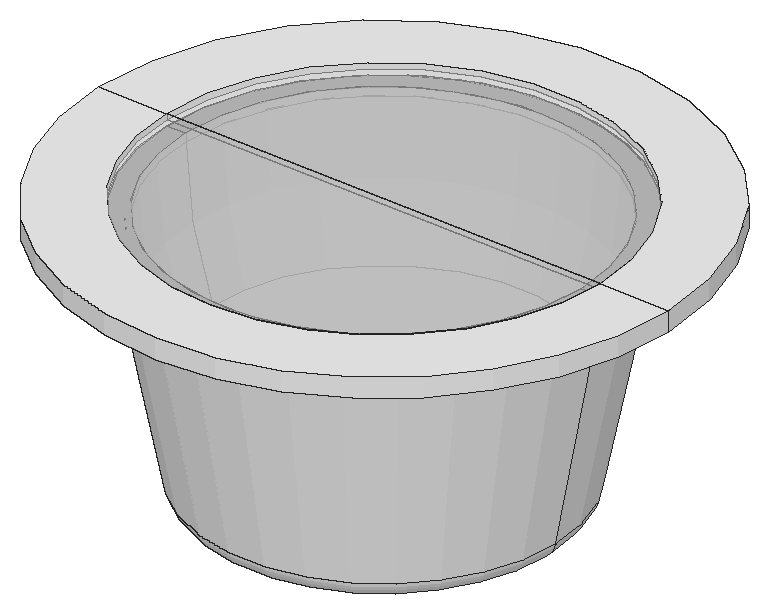
Revit family "2060573+2028036 Sylvania Lighting Fixture ASCENT 100 II ARCH 3600 3K DALI EMG 160 with IP44 Frost Glass", category Lighting Fixtures, host Face, Revit 2016
Family settings
  Host = Face
  Part Type = Normal
  Round Connector Dimension = Use Diameter
  OmniClass Number = 23.80.70.11.17
  OmniClass Title = Specialized Lighting by Location or Use
  Cut with Voids When Loaded = No
  Light Source = Yes
  Shared = No
  Room Calculation Point = No
Parameters (values of type "2060573+2028036 ASCT100 II ARCH 3600 3K DALI EMG 160 with IP44 Frost Glass Emergency mode")
  WidthBezelAcc_SYL = 25.0 mm
  Weight = "1.92 kg"
  Wattage = 1.61261 W
  WarrantyStartDate [instance] = "n/a"
  WarrantyGuarantorParts = "n/a"
  WarrantyDurationUnit = "n/a"
  WarrantyDurationParts = "n/a"
  WarrantyDescription = "n/a"
  built-in parameter 1150110 = 1 (stored number, unit not read)
  Voltage = 0 V
  VisibilityAccessory_SYL = yes
  TypeName = "ASCT100 II ARCH 3600 3K DALI EMG 160 with IP44 Frost Glass Emergency mode"
  built-in parameter 1114217 = 1 (stored number, unit not read)
  Tilt Angle = -90°
  built-in parameter 1150109 = 1 (stored number, unit not read)
  built-in parameter 1150134 = (empty or 0)
  built-in parameter 1150113 = 1 (stored number, unit not read)
  SerialNumber [instance] = "n/a"
  ReflectorRadius_SYL = Radius_SYL - 14.5 mm  # 80.0 mm
  RadiusAcc_SYL = 105.0 mm
  Radius_SYL = 94.5 mm
  URL = "http://www.sylvania-lighting.com"
  PowerFactor = 0
  PowerConsumption = "32 W"
  Photometric Web File = "2060573EM.ies"
  NominalWidth = 0.0 mm
  NominalLength = 0.0 mm
  NominalHeight = 94.0 mm
  Name = "ASCT100 II ARCH 3600 3K DALI EMG 160 with IP44 Frost Glass Emergency mode"
  ModelReference = "ASCT100 II ARCH 3600 3K DALI EMG 160 with IP44 Frost Glass Emergency mode"
  ModelNumber = "2060573+2028036"
  Material_4_SYL = none
  Material_3_SYL = Polycarbonate_Sylvania_Ascent_Clear
  Material_2_SYL = Aluminium_Sylvania_Ascent_Silver
  Material_1_SYL = Aluminum_Sylvania_Ascent_White
  Material = "aluminium housing, arcylic diffuser"
  ManufacturerName = "Feilo Sylvania"
  LuminousEfficacy = "111 lm/W"
  built-in parameter 1150105 = 14.244 (stored number, unit not read)
  Lumens = 179 lm
  LuminaireType = ""
  built-in parameter 1150115 = 1 (stored number, unit not read)
  LightOutputRatio = "100"
  built-in parameter 1150137 = (empty or 0)
  built-in parameter 1150139 = (empty or 0)
  LampsType = Lamp  # "LED"
  LampNominalLuminous = "3548 lm"
  LampMacAdamStep = "3"
  LampColourTemperature = "3000 K"
  LampColourRenderingIndex = "80"
  built-in parameter 1150112 = 1 (stored number, unit not read)
  built-in parameter 1150114 = 1 (stored number, unit not read)
  Keynote = "16500"
  InstallationDate [instance] = "n/a"
  InputVoltage = "n/a"
  InputNominalFrequency = "n/a"
  built-in parameter 1150132 = (empty or 0)
  built-in parameter 1150102 = (empty or 0)
  built-in parameter 1150107 = 3000 (stored number, unit not read)
  built-in parameter 1150138 = (empty or 0)
  IngressProtection = "IP44"
  ImpactProtectionIndex = "IK02"
  built-in parameter 1150106 = 0.14244 (stored number, unit not read)
  IfcExportType = "IfcLightFixtureType"
  IfcExportAs = "IfcLightFixtureType"
  Height_SYL = 94.0 mm
  HeightAcc_SYL = 7.0 mm
  ExpectedLife = 50000
  EmittionSurface_SYL = if(VisibilityAccessory_SYL, 7.0 mm, 3.0 mm)  # 7.0 mm
  Emit from Circle Diameter = DiffuserRadius_SYL * 2  # 146.0 mm
  Emit Shape Visible in Rendering = no
  ElectricShockClassification = "Class II"
  built-in parameter 1150104 = 10.312 (stored number, unit not read)
  DurationUnit = "hours"
  DocumentationLiterature = "http://www.sylvania-lighting.com/product/en-int/products/2060573"
  DimmingControlOptions = "n/a"
  Dimming Lamp Color Temperature Shift = <None>
  DiffuserRadius_SYL = ReflectorRadius_SYL - 7.0 mm  # 73.0 mm
  Diameter_SYL = 2 * Radius_SYL  # 189.0 mm
  CutoutDiameter_SYL = Diameter_SYL - 13.0 mm  # 176.0 mm
  CreatedOn = "9/17/2018"
  CreatedBy = "@sylvania-lighting.com"
  Color Filter = 16777215
  built-in parameter 1114216 [instance] = 1 (stored number, unit not read)
  Model = "ASCT100 II ARCH 3600 3K DALI EMG 160 with IP44 Frost Glass Emergency mode"
  Manufacturer = "Feilo Sylvania"
  Lamp = "LED"
  Description = "Direct LED retro fit for original LED 100 Arch (160) single CFL lamp offering Matching lumen levels and improved light distribution of original LED 100 CFL lamp equivalents Typically half the power consumption compared to CFL Up to 112lm/W 160mm aperture Architectural reflector accepts range of glass accessories from existing LED 100 Arch 160 offering HE, HO and VHO versions equivalent of single 1 x 18W, 1 x 32W, 1 x 42W\r\n Additional VVHO versions which offer the performance circa 2 x 32W equivalent"  # constant formula
  Default Elevation = 0.0 mm
  built-in parameter 1140040 [instance] = 1
  BarCode [instance] = "n/a"
  built-in parameter 1114218 = 1 (stored number, unit not read)
  built-in parameter 1150133 = 10 (stored number, unit not read)
  AssetType = "Fixed"
  AssetIdentifier [instance] = "n/a"
  Assembly Code = "D5020200"
  Apparent Load = 1.61261 VA
  Aperture_SYL = 2 * ReflectorRadius_SYL  # 160.0 mm
Types (2, lengths in mm): name | Wattage | TypeName | Photometric Web File | Name | ModelReference | Material_3_SYL | built-in parameter 1150105 | Lumens | built-in parameter 1150106 | Model | Apparent Load
  2060573+2028036 ASCT100 II ARCH 3600 3K DALI EMG 160 with IP44 Frost Glass Emergency mode | 1.61261 W | "ASCT100 II ARCH 3600 3K DALI EMG 160 with IP44 Frost Glass Emergency mode" | "2060573EM.ies" | "ASCT100 II ARCH 3600 3K DALI EMG 160 with IP44 Frost Glass Emergency mode" | "ASCT100 II ARCH 3600 3K DALI EMG 160 with IP44 Frost Glass Emergency mode" | Polycarbonate_Sylvania_Ascent_Clear | 14.244 (stored number, unit not read) | 179 lm | 0.14244 (stored number, unit not read) | "ASCT100 II ARCH 3600 3K DALI EMG 160 with IP44 Frost Glass Emergency mode" | 1.61261 VA
  2060573+2028036 ASCT100 II ARCH 3600 3K DALI EMG 160 with IP44 Frost Glass | 32 W | "ASCENT 100 II ARCH 3600 3K DALI EMG 160 with IP44 Frost Glass" | "2060573.ies" | "ASCENT 100 II ARCH 3600 3K DALI EMG 160 with IP44 Frost Glass" | "ASCENT 100 II ARCH 3600 3K DALI EMG 160 with IP44 Frost Glass" | Polycarbonate_Sylvania_Ascent_Opal | 282.66 (stored number, unit not read) | 3552 lm | 2.8266 (stored number, unit not read) | "ASCENT 100 II ARCH 3600 3K DALI EMG 160 with IP44 Frost Glass" | 32 VA
Reference planes
  plane 1 "Center (Front/Back)": y = 0
  plane 2: z = 0
  plane 3 "Center (Left/Right)": x = 0
  plane 4 "Fixture Bottom": z = 3
  plane 5: z = -52.5
  plane 6 "Fixture Top": z = -91
  plane 7: x = -105
  plane 8: z = 7
  plane 9: x = -80
  plane 10: z = 5
  plane 11: x = -103
Forms (mm)
  Extrusion 1, solid, material "Aluminum_Sylvania_Ascent_White", detail levels fine
    sketch origin (0, 0, 0) x (1, 0, 0) y (0, 1, 0)
      loop
        circle (0, 0) r 94.5
      loop
        circle (0, 0) r 80
    from 0 to 3
  Extrusion 2, void
    sketch origin (0, 0, 0) x (1, 0, 0) y (0, 1, 0)
      loop
        circle (0, 0) r 88
    from -91 to 3
  Revolve 3, solid, material "Aluminum_Sylvania_Ascent_White" <- "Material_1_SYL", detail levels fine
    sketch origin (0, 0, 0) x (1, 0, 0) y (0, 0, 1)
      loop
        line (0, -91.073) -> (0, -89.023) -> (-55.468, -89.014)
        arc (-55.468, -89.014) -> (-59.352, -87.613) -> (-61.54, -84.139) r 6.307
        line (-61.54, -84.139) -> (-77.991, -2.844) -> (-77.991, 0) -> (-80, 0) -> (-80, -3) -> (-63.5, -84.536)
        arc (-63.5, -84.536) -> (-60.643, -89.203) -> (-55.5, -91.073) r 8.291
        line (-55.5, -91.073) -> (0, -91.073)
      axis (0, 0) -> (0, -91.073)
    angle from 0 to 360
  Revolve 4, solid, material "Aluminium_Sylvania_Ascent_Silver" <- "Material_2_SYL", detail levels fine
    sketch origin (0, 0, 0) x (1, 0, 0) y (0, 0, 1)
      loop
        line (-80, 3) -> (-80, 0) -> (-75, 0)
        arc (-75, 0) -> (-72.349, -26.77) -> (-64.5, -52.5) r 136.5
        line (-64.5, -52.5) -> (-58, -52.5)
        arc (-58, -52.5) -> (-56.857, -61.521) -> (-53.5, -69.971) r 36.166
        line (-53.5, -69.971) -> (0, -69.971) -> (0, -50.5) -> (-63.16, -50.5)
        arc (-63.16, -50.5) -> (-70.517, -25.725) -> (-73, 0) r 134.5
        line (-73, 0) -> (-73, 3) -> (-80, 3)
      axis (0, 3) -> (0, -69.971)
    angle from 0 to 360
  Extrusion 5, solid, material "Polycarbonate_Sylvania_Ascent_Clear" <- "Material_3_SYL", detail levels fine
    sketch origin (0, 0, 0) x (1, 0, 0) y (0, 1, 0)
      loop
        circle (0, 0) r 73
    from 0 to 3
  Revolve 6, solid, material "Aluminum_Sylvania_Ascent_White" <- "Material_1_SYL", detail levels coarse+medium
    sketch origin (0, 0, 0) x (1, 0, 0) y (0, 0, 1)
      loop
        line (0, -91.073) -> (0, 3) -> (-94.5, 3) -> (-94.5, 0) -> (-79.5, 0) -> (-79.5, -3) -> (-63, -84.536)
        arc (-63, -84.536) -> (-60.143, -89.203) -> (-55, -91.073) r 8.291
        line (-55, -91.073) -> (0, -91.073)
      axis (0, 3) -> (0, -91.073)
    angle from 0 to 360
  Revolve 7, solid, material "Aluminum_Sylvania_Ascent_White" <- "Material_1_SYL", visible <- "VisibilityAccessory_SYL"
    sketch origin (0, 0, 0) x (1, 0, 0) y (0, 0, 1)
      loop
        line (-105, 0) -> (-103, 0) -> (-103, 5) -> (-80, 5) -> (-80, 7) -> (-105, 7) -> (-105, 0)
      axis (0, 7) -> (0, 0)
    angle from 0 to 360
  Revolve 8, solid, material "Polycarbonate_Sylvania_Ascent_Clear" <- "Material_3_SYL", visible <- "VisibilityAccessory_SYL"
    sketch origin (0, 0, 0) x (1, 0, 0) y (0, 0, 1)
      loop
        line (-80, 7) -> (-80, 5) -> (0, 5) -> (0, 7) -> (-80, 7)
      axis (0, 7) -> (0, 5)
    angle from 0 to 360
Lines and regions (mm)
  reference lines
    curve 1: line (-150, 0, 7) -> (125, 0, 7)
Dimensions and locks
  locked: plane 4 "Fixture Bottom" to plane 2 at 3
  "Height_SYL": plane 4 "Fixture Bottom" to plane 6 "Fixture Top"
  "ReflectorRadius_SYL": plane 3 "Center (Left/Right)" to Revolve 4 sketch curve
  locked: Revolve 4 sketch curve to Revolve 4 sketch curve at 15.5
  locked: Revolve 4 sketch curve to Revolve 4 sketch curve at 5
  locked: Revolve 4 sketch curve to Revolve 4 sketch curve at 7
  locked: Revolve 4 sketch curve to Revolve 4 sketch curve at 22
  locked: Revolve 4 sketch curve to Revolve 4 sketch curve at 26.5
  locked: Revolve 3 sketch curve to Revolve 3 sketch curve at 16.5
  locked: Revolve 3 sketch curve to Revolve 3 sketch curve at 24.5
  "ReflectorRadius_SYL": Revolve 3 sketch curve to plane 3 "Center (Left/Right)"
  locked: Revolve 3 sketch curve to plane 6 "Fixture Top" at 6.464
  locked: plane 2 to Revolve 3 sketch curve at 3
  locked: Revolve 3 sketch curve to Revolve 3 sketch curve at 2
  locked: Revolve 3 sketch curve to Revolve 3 sketch curve at 2.009
  locked: plane 2 to plane 5 at 52.5
  locked: Revolve 6 sketch curve to Revolve 6 sketch curve at 31.5
  locked: Revolve 6 sketch curve to Revolve 6 sketch curve at 39.5
  locked: Revolve 6 sketch curve to Revolve 6 sketch curve at 15
  "Radius_SYL": plane 3 "Center (Left/Right)" to Revolve 6 sketch curve
  "RadiusAcc_SYL": plane 3 "Center (Left/Right)" to plane 7
  "HeightAcc_SYL": plane 8 to level
  "WidthBezelAcc_SYL": plane 7 to plane 9
  locked: plane 7 to plane 11 at 2
  locked: plane 8 to plane 10 at 2
  "EmittionSurface_SYL": curve 1 to level
  "CutoutDiameter_SYL": diameter of Extrusion 2 sketch curve
  "ReflectorRadius_SYL": radius of Extrusion 1 sketch curve
  "DiffuserRadius_SYL": radius of Extrusion 5 sketch curve
  "Radius_SYL": radius of Extrusion 1 sketch curve
  aligned and locked: host face to plane 2
  aligned and locked: host face to level
  aligned and locked: plane 4 "Fixture Bottom" to Extrusion 1
  aligned and locked: Extrusion 1 to plane 2
  aligned and locked: Revolve 3 sketch curve to plane 3 "Center (Left/Right)"
  aligned and locked: Revolve 4 sketch curve to plane 3 "Center (Left/Right)"  (x2)
  aligned and locked: plane 4 "Fixture Bottom" to Revolve 4 sketch curve
  aligned and locked: Extrusion 5 to plane 2
  aligned and locked: plane 2 to Revolve 3 sketch curve  (x2)
  aligned and locked: Revolve 6 sketch curve to plane 3 "Center (Left/Right)"
  aligned and locked: plane 6 "Fixture Top" to Extrusion 2
  aligned and locked: Revolve 7 sketch curve to plane 3 "Center (Left/Right)"
  aligned and locked: host face to Revolve 7 sketch curve  (x2)
  aligned and locked: Revolve 7 sketch curve to plane 7
  aligned and locked: plane 8 to Revolve 7 sketch curve
  aligned and locked: plane 9 to Revolve 7 sketch curve
  aligned and locked: Revolve 7 sketch curve to plane 10
  aligned and locked: plane 11 to Revolve 7 sketch curve
  aligned and locked: Revolve 7 to Revolve 8 sketch curve
  aligned and locked: Revolve 8 sketch curve to Revolve 7  (x2)
  aligned and locked: Revolve 8 sketch curve to plane 3 "Center (Left/Right)"  (x2)
  aligned and locked: plane 3 "Center (Left/Right)" to imposter light
  aligned and locked: imposter light to plane 1 "Center (Front/Back)"
  aligned and locked: imposter light to curve 1
Automatic sketch dimensions
  plane 1 "Center (Front/Back)" to Extrusion 2 sketch curve = 0.0 mm
  Extrusion 2 sketch curve to plane 3 "Center (Left/Right)" = 0.0 mm
  Extrusion 1 sketch curve to Extrusion 1 sketch curve = 0.0 mm  (x2)
  plane 1 "Center (Front/Back)" to Extrusion 1 sketch curve = 0.0 mm
  Extrusion 1 sketch curve to plane 3 "Center (Left/Right)" = 0.0 mm
  plane 6 "Fixture Top" to Revolve 3 sketch curve = 0.073 mm
  Revolve 3 sketch curve to plane 6 "Fixture Top" = 6.861 mm
  Revolve 3 sketch curve to Revolve 3 sketch curve = 0.003 mm
  Revolve 3 sketch curve to Revolve 3 sketch curve = 0.009 mm  (x2)
  Revolve 3 sketch curve to Revolve 3 sketch curve = 0.023 mm
  Revolve 3 sketch curve to Revolve 3 sketch curve = 0.072 mm
  Revolve 3 sketch curve to Revolve 3 sketch curve = 0.008 mm
  Revolve 3 sketch curve to plane 6 "Fixture Top" = 1.977 mm
  Revolve 3 sketch curve to Revolve 3 sketch curve = 33.496 mm
  Revolve 3 sketch curve to Revolve 3 sketch curve = 0.028 mm
  plane 4 "Fixture Bottom" to Revolve 3 sketch curve = 82.431 mm
  Revolve 4 sketch curve to Revolve 4 sketch curve = 0.0 mm  (x2)
  Revolve 4 sketch curve to plane 5 = 0.0 mm
  Revolve 4 sketch curve to level = 0.0 mm
  plane 5 to Revolve 4 sketch curve = 2.0 mm
  plane 4 "Fixture Bottom" to Revolve 4 sketch curve = 9.642 mm
  plane 1 "Center (Front/Back)" to Extrusion 5 sketch curve = 0.0 mm
  Extrusion 5 sketch curve to plane 3 "Center (Left/Right)" = 0.0 mm
  Revolve 4 sketch curve to level = 69.971 mm
  Revolve 4 sketch curve to Revolve 4 sketch curve = 2.387 mm
  Revolve 6 sketch curve to level = 0.0 mm
  Revolve 6 sketch curve to plane 3 "Center (Left/Right)" = 0.0 mm
  Revolve 6 sketch curve to Revolve 6 sketch curve = 8.104 mm
  Revolve 6 sketch curve to level = 3.0 mm
  Revolve 6 sketch curve to plane 6 "Fixture Top" = 6.464 mm
  plane 6 "Fixture Top" to Revolve 6 sketch curve = 0.073 mm
  Revolve 6 sketch curve to Revolve 6 sketch curve = 33.496 mm
  plane 4 "Fixture Bottom" to Revolve 6 sketch curve = 82.431 mm
  host sketch curve to host sketch curve = 1704.996 mm
  host sketch curve to host sketch curve = 1500.0 mm
  plane 6 "Fixture Top" to Revolve 7 sketch curve = 281.274 mm
  Revolve 7 sketch curve to plane 8 = 1140.706 mm
  plane 6 "Fixture Top" to Revolve 8 sketch curve = 281.274 mm
  Revolve 8 sketch curve to Revolve 8 sketch curve = 1140.706 mm
  Revolve 3 sketch curve to plane 3 "Center (Left/Right)" = 0.0 mm
  Revolve 6 sketch curve to plane 4 "Fixture Bottom" = 0.0 mm
  plane 7 to curve 1 = 45.0 mm
  plane 3 "Center (Left/Right)" to curve 1 = 125.0 mm
Connectors
  electrical at (0, 0, -91.073), driven by "Apparent Load"
    settings: on Revolve 3, index 1, voltage 240 V, apparent load 0 VA, apparent load phase1 1.61261 VA, apparent load phase2 0 VA, apparent load phase3 0 VA, power factor 1, load classification "Lighting", number of poles 1, system type 31, power factor state 1, is connector primary yes, connector utility no, sub classification motor no, connector description ""
